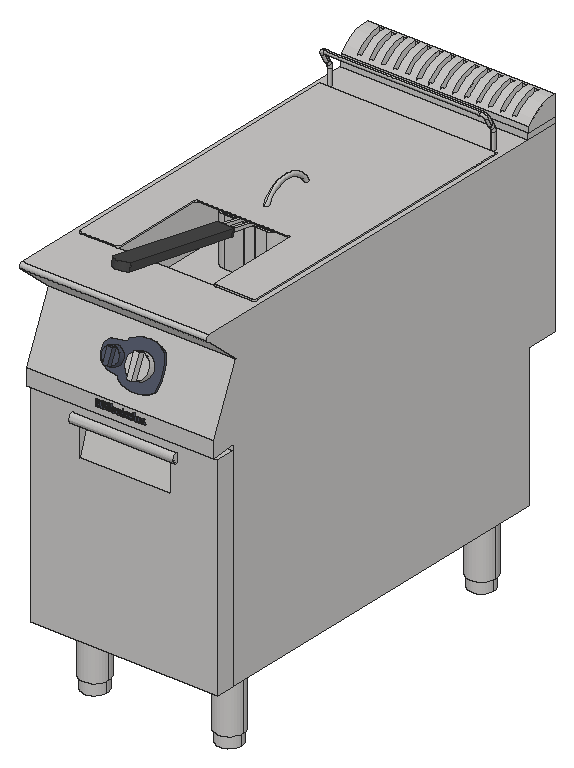
Revit family "QF_ELECTROLUXPROFESSIONAL_391599_E9KKETBAMCI", category Attrezzature speciali, Revit 2021
Family settings
  Quota connettore circolare = Usa diametro
  Tipo di parte = Normale
  Basato su piano di lavoro = No
  Sempre verticale = Sì
  Taglio con vuoti quando caricato = No
  Condiviso = No
  Punto di calcolo locali = No
Parameters (values of type "Standard")
  Weight = 50.00 kg
  Watts = 0 W
  Volts = 0 V
  URL Manufacturer = "https://www.electroluxprofessional.com/"
  URL = "https://www.electroluxprofessional.com/"
  Steam Supply Size = 0"
  Steam Supply Minimum Pressure = 0.00 psi
  Steam Supply Maximum Pressure = 0.00 psi
  Steam Consumption per Hour = 0
  Show Logo [instance] = yes
  Show Clearance [instance] = yes
  Refrigeration Suction Line Size = 0 mm
  Refrigeration Liquid Line Size = 0 mm
  Refrigerant Compressor Remote = yes
  Prospetto di default = 0 mm
  Phase = 0
  Modello = "E9KKETBAMCI"
  Produttore = "Electrolux Professional"
  Length Actual = 400 mm  # constant formula
  Item Number = "391599"
  Hot Water Size = 0"
  Height Actual = 850 mm  # constant formula
  HP = "0 HP"
  Gas Size = 1/2"
  Gas KW = 14
  Gas Input Pressure = 0.469158 Btu/h
  Direct Waste Size = 0"
  Descrizione = "15LT GAS FRYER-1 WELL+1 BASKET - QMARK"
  Depth Actual = 930 mm  # constant formula
  Cycle = 0 Hz
  Condensate Return Size = 0"
  Compressed Air Volume = 0 GPM
  Compressed Air Size = 0"
  Compressed Air Pressure = 0.00 psi
  Cold Water Size = 0"
  Base Height [instance] = 150 mm  # constant formula
  Accessory = yes
Reference planes
  plane 1 "BACK": y = 0
  plane 2: z = 0
  plane 3 "LEFT": x = 0
  plane 4 "RIGHT": x = 400
  plane 5 "FRONT": y = -930
  plane 6 "TOP": z = 908
  plane 7 "Center Y": x = 200
  plane 8 "Center X": y = -465
  plane 9 "BASE": z = 601.763
  plane 10 "TOP A": z = 851
  plane 11: z = 150
  plane 12: y = -126
  plane 13: y = -800
  plane 14: y = -1273
  plane 15: x = 344
  plane 16: x = 56
  plane 17: x = 344
  plane 18: y = -715
  plane 19: z = 921
  plane 20: z = 931
  plane 21: y = -1273
  plane 22: x = 355
  plane 23: y = -1450
Forms (mm)
  Extrusion 1, solid, material "QF_Finishes_Stainless Steel"
    sketch origin (0, 0, 0) x (0, 1, 0) y (0, 0, 1)
      loop
        line (0, 851) -> (-923.65, 851)
        arc (-923.65, 851) -> (-929.517, 847.08) -> (-928.14, 840.16) r 6.35
        line (-928.14, 840.16) -> (-852.034, 773.495) -> (-912.145, 642.892) -> (-912.145, 608.853) -> (-858.773, 614.463) -> (-858.773, 150) -> (-70, 150) -> (-70, 451.763) -> (0, 451.763) -> (0, 851)
      loop
        line (-900, 601.763) -> (-900, 150) -> (-860.361, 150) -> (-860.361, 601.763) -> (-900, 601.763)
    from 0 to 400
  Extrusion 2, void
    sketch origin (0, 0, 851) x (-1, 0, 0) y (0, -1, 0)
      loop
        line (-33.338, 141.304) -> (-33.338, 787.143) -> (-366.662, 787.143) -> (-366.662, 141.304) -> (-33.338, 141.304)
    from 0 to -152.4
  Extrusion 3, solid, material "QF_Finishes_Stainless Steel"
    sketch origin (0, 0, 851) x (-1, 0, 0) y (0, -1, 0)
      loop
        arc (-11.548, 780.793) -> (-13.408, 785.283) -> (-17.898, 787.143) r 6.35
        line (-17.898, 787.143) -> (-90.863, 787.143)
        arc (-90.863, 787.143) -> (-95.353, 785.283) -> (-97.213, 780.793) r 6.35
        line (-97.213, 780.793) -> (-97.213, 586.546)
        arc (-97.213, 586.546) -> (-99.072, 582.055) -> (-103.563, 580.196) r 6.35
        line (-103.563, 580.196) -> (-293.937, 580.196)
        arc (-293.937, 580.196) -> (-298.428, 582.055) -> (-300.287, 586.546) r 6.35
        line (-300.287, 586.546) -> (-300.287, 780.818)
        arc (-300.287, 780.818) -> (-302.14, 785.291) -> (-306.612, 787.143) r 6.325
        line (-306.612, 787.143) -> (-382.102, 787.143)
        arc (-382.102, 787.143) -> (-386.592, 785.283) -> (-388.452, 780.793) r 6.35
        line (-388.452, 780.793) -> (-388.452, 141.304) -> (-11.548, 141.304) -> (-11.548, 780.793)
    from 0 to 2.574
  Sweep 4, solid, material "QF_Finishes_Stainless Steel"
    path origin (200, 10.469, 0) x (0, 1, 0) y (0, 0, 1)
      loop
        arc (-423.261, 851) -> (-477.7, 884.779) -> (-532.139, 851) r 60.757
    profile origin (200, -467.231, 884.779) x (0, 0, -1) y (1, 0, 0)
      loop
        circle (0, 0) r 4.353
  Extrusion 5, solid, material "QF_Clearances", visible <- "Show Clearance", detail levels coarse
    sketch origin (0, 0, 0) x (1, 0, 0) y (0, 1, 0)
      loop
        line (0, -930) -> (0, 0) -> (400, 0) -> (400, -930) -> (550.019, -930) -> (550.019, 150.019) -> (-150.019, 150.019) -> (-150.019, -930) -> (0, -930)
    from 0 to 908
  Revolve 6, solid, material "QF_Finishes_Stainless Steel"
    sketch origin (0, -126, 608.09) x (0, 0, 1) y (-1, 0, 0)
      loop
        line (-608.09, -56) -> (-458.09, -56) -> (-458.09, -26) -> (-583.09, -26) -> (-583.09, -29.75) -> (-608.09, -29.75) -> (-608.09, -56)
      axis (-608.09, -56) -> (-458.09, -56)
    angle from 0 to 360
  Revolve 7, solid, material "QF_Finishes_Stainless Steel"
    sketch origin (400.05, -126, 608.09) x (0, 0, 1) y (-1, 0, 0)
      loop
        line (-608.09, 56.05) -> (-608.09, 29.8) -> (-583.09, 29.8) -> (-583.09, 26.05) -> (-458.09, 26.05) -> (-458.09, 56.05) -> (-608.09, 56.05)
      axis (-608.09, 56.05) -> (-458.09, 56.05)
    angle from 0 to 360
  Extrusion 8, solid, material "QF_Door-Drawer Clearances", visible <- "Show Clearance", detail levels coarse
    sketch origin (0, 0, 851) x (-1, 0, 0) y (0, -1, 0)
      loop
        line (-400, 1273) -> (-400, 900) -> (-0.912, 900)
        arc (-0.912, 900) -> (-126.87, 1165.233) -> (-400, 1273) r 400
    from -701 to -249.237
  Revolve 9, solid, material "QF_Finishes_Stainless Steel"
    sketch origin (400.05, -800, 608.09) x (0, 0, 1) y (-1, 0, 0)
      loop
        line (-608.09, 56.05) -> (-608.09, 29.8) -> (-583.09, 29.8) -> (-583.09, 26.05) -> (-458.09, 26.05) -> (-458.09, 56.05) -> (-608.09, 56.05)
      axis (-608.09, 56.05) -> (-458.09, 56.05)
    angle from 0 to 360
  Extrusion 10, solid, material "QF_Finishes_Stainless Steel"
    sketch origin (200, 0, 0) x (0, 1, 0) y (0, 0, 1)
      loop
        line (-71.89, 863.9) -> (-71.89, 851) -> (0, 851) -> (0, 863.9) -> (-71.89, 863.9)
    from -200 to 200
  Extrusion 11, void
    sketch origin (200, -12.863, 0) x (0, 1, 0) y (0, 0, 1)
      loop
        line (-887.138, 564.263) -> (-887.138, 500.55) -> (-863.948, 564.263) -> (-887.138, 564.263)
    from -96.424 to 99.144
  Extrusion 12, solid, material "QF_Finishes_Stainless Steel"
    sketch origin (200, -12.863, 22.5) x (0, 1, 0) y (0, 0, 1)
      loop
        line (-887.137, 541.763) -> (-887.137, 561.763)
        arc (-887.137, 561.763) -> (-897.137, 551.763) -> (-887.137, 541.763) r 10
    from -110.529 to 112.106
  Revolve 13, solid, material "QF_Finishes_Stainless Steel"
    sketch origin (0, -800, 608.09) x (0, 0, 1) y (1, 0, 0)
      loop
        line (-608.09, 56) -> (-608.09, 29.75) -> (-583.09, 29.75) -> (-583.09, 26) -> (-458.09, 26) -> (-458.09, 56) -> (-608.09, 56)
      axis (-608.09, 56) -> (-458.09, 56)
    angle from 0 to 360
  Extrusion 14, solid, material "QF_Finishes_Stainless Steel"
    sketch origin (265.958, 109.846, 107.43) x (0, 0.984808, 0.173648) y (0, -0.173648, 0.984808)
      loop
        line (-552.44, 743.096) -> (-534.513, 844.764) -> (-598.426, 869.678) -> (-600.732, 863.761) -> (-541.671, 840.739) -> (-558.694, 744.199) -> (-552.44, 743.096)
    from -80.476 to -74.619
  Extrusion 15, solid, material "QF_Finishes_Mesh"
    sketch origin (74.995, -64.779, 844.25) x (-1, 0, 0) y (0, -1, 0)
      loop
        arc (-76.6, 120.481) -> (-58.64, 127.92) -> (-51.2, 145.881) r 25.4
        line (-51.2, 145.881) -> (-51.2, 481.11)
        arc (-51.2, 481.11) -> (-58.64, 499.071) -> (-76.6, 506.51) r 25.4
        line (-76.6, 506.51) -> (-166.875, 506.51)
        arc (-166.875, 506.51) -> (-184.836, 499.071) -> (-192.275, 481.11) r 25.4
        line (-192.275, 481.11) -> (-192.275, 145.881)
        arc (-192.275, 145.881) -> (-184.836, 127.92) -> (-166.875, 120.481) r 25.4
        line (-166.875, 120.481) -> (-76.6, 120.481)
      loop
        arc (-76.6, 123.656) -> (-60.885, 130.165) -> (-54.375, 145.881) r 22.225
        line (-54.375, 145.881) -> (-54.375, 481.11)
        arc (-54.375, 481.11) -> (-60.885, 496.826) -> (-76.6, 503.335) r 22.225
        line (-76.6, 503.335) -> (-166.875, 503.335)
        arc (-166.875, 503.335) -> (-182.591, 496.826) -> (-189.1, 481.11) r 22.225
        line (-189.1, 481.11) -> (-189.1, 145.881)
        arc (-189.1, 145.881) -> (-182.591, 130.165) -> (-166.875, 123.656) r 22.225
        line (-166.875, 123.656) -> (-76.6, 123.656)
    from -109 to -5.315
  Extrusion 16, solid, material "QF_Finishes_Black"
    sketch origin (134.033, -843.725, 906.181) x (0, 0.980628, -0.195878) y (-1, 0, 0)
      loop
        arc (-64.658, -47.345) -> (-74.885, -65.962) -> (-64.658, -84.58) r 22.059
        line (-64.658, -84.58) -> (214.638, -84.58)
        arc (214.638, -84.58) -> (217.113, -83.554) -> (218.138, -81.08) r 3.5
        line (218.138, -81.08) -> (218.138, -50.854)
        arc (218.138, -50.854) -> (217.11, -48.372) -> (214.629, -47.345) r 3.509
        line (214.629, -47.345) -> (-64.658, -47.345)
    from -15.884 to 0
  Extrusion 17, solid, material "QF_Finishes_Stainless Steel"
    sketch origin (0, 0, 574.263) x (0, 1, 0) y (0, 0, 1)
      loop
        line (0, 289.638) -> (0, 333.737)
        arc (0, 333.737) -> (-39.336, 326.03) -> (-69.85, 300.038) r 79.141
        line (-69.85, 300.038) -> (-69.85, 289.638) -> (0, 289.638)
    from 0 to 400
  Extrusion 18, void
    sketch origin (0, 0, 848.9) x (0, -1, 0) y (1, 0, 0)
      loop
        line (6.761, 29.703) -> (63.911, 29.703) -> (63.911, 38.999) -> (6.761, 38.999) -> (6.761, 29.703)
      loop
        line (63.911, 64.487) -> (6.761, 64.487) -> (6.761, 55.191) -> (63.911, 55.191) -> (63.911, 64.487)
      loop
        line (63.911, 89.975) -> (6.761, 89.975) -> (6.761, 80.68) -> (63.911, 80.68) -> (63.911, 89.975)
      loop
        line (63.911, 115.464) -> (6.761, 115.464) -> (6.761, 106.168) -> (63.911, 106.168) -> (63.911, 115.464)
      loop
        line (63.911, 140.952) -> (6.761, 140.952) -> (6.761, 131.656) -> (63.911, 131.656) -> (63.911, 140.952)
      loop
        line (63.911, 166.44) -> (6.761, 166.44) -> (6.761, 157.145) -> (63.911, 157.145) -> (63.911, 166.44)
      loop
        line (63.911, 191.929) -> (6.761, 191.929) -> (6.761, 182.633) -> (63.911, 182.633) -> (63.911, 191.929)
      loop
        line (63.911, 217.417) -> (6.761, 217.417) -> (6.761, 208.121) -> (63.911, 208.121) -> (63.911, 217.417)
      loop
        line (63.911, 242.905) -> (6.761, 242.905) -> (6.761, 233.61) -> (63.911, 233.61) -> (63.911, 242.905)
      loop
        line (63.911, 268.394) -> (6.761, 268.394) -> (6.761, 259.098) -> (63.911, 259.098) -> (63.911, 268.394)
      loop
        line (63.911, 293.882) -> (6.761, 293.882) -> (6.761, 284.586) -> (63.911, 284.586) -> (63.911, 293.882)
      loop
        line (63.911, 319.37) -> (6.761, 319.37) -> (6.761, 310.075) -> (63.911, 310.075) -> (63.911, 319.37)
      loop
        line (63.911, 344.859) -> (6.761, 344.859) -> (6.761, 335.563) -> (63.911, 335.563) -> (63.911, 344.859)
      loop
        line (63.911, 370.347) -> (6.761, 370.347) -> (6.761, 361.051) -> (63.911, 361.051) -> (63.911, 370.347)
    from 25.4 to 63.5
  Sweep 19, solid, material "QF_Finishes_Stainless Steel"
    path origin (0, 0, 0) x (0, 1, 0) y (0, 0, 1)
      loop
        line (-133.218, 851) -> (-133.218, 886.76)
        arc (-133.218, 886.76) -> (-133.779, 891.022) -> (-135.424, 894.993) r 16.466
        line (-135.424, 894.993) -> (-140.718, 904.162)
    profile origin (0, -133.218, 868.88) x (0, -1, 0) y (1, 0, 0)
      loop
        circle (0.001, 25.269) r 3.999
      loop
        circle (0.001, 374.731) r 3.999
  Sweep 20, solid, material "QF_Finishes_Stainless Steel"
    path origin (0, -68.628, 777.297) x (-1, 0, 0) y (0, -0.5, 0.866025)
      loop
        line (-374.731, 144.182) -> (-374.731, 165.819)
        arc (-374.731, 165.819) -> (-372.68, 170.768) -> (-367.731, 172.819) r 7
        line (-367.731, 172.819) -> (-32.269, 172.819)
        arc (-32.269, 172.819) -> (-27.32, 170.768) -> (-25.269, 165.819) r 7
        line (-25.269, 165.819) -> (-25.269, 144.182)
    profile origin (374.731, -146.128, 911.531) x (1, 0, 0) y (0, 0.866025, 0.5)
      loop
        circle (0, 0) r 4
  Extrusion 21, solid, material "QF_Finishes_Navy Blue", visible <- "Show Logo"
    sketch origin (0, -912.145, 608.853) x (0, 0, 1) y (-1, 0, 0)
      loop
        line (27.359, -159.055) -> (14.993, -159.055)
        arc (14.993, -159.055) -> (21.176, -163.626) -> (27.359, -159.055) r 6.467
      loop
        arc (27.359, -158.426) -> (26.19, -153.283) -> (21.534, -150.805) r 6.338
        line (21.534, -150.805) -> (21.534, -152.851)
        arc (21.534, -152.851) -> (23.018, -156.506) -> (26.464, -158.426) r 5.941
        line (26.464, -158.426) -> (27.359, -158.426)
      loop
        arc (15.888, -158.426) -> (19.334, -156.506) -> (20.817, -152.851) r 5.941
        line (20.817, -152.851) -> (20.817, -150.805)
        arc (20.817, -150.805) -> (16.123, -153.279) -> (14.834, -158.426) r 6.504
        line (14.834, -158.426) -> (15.888, -158.426)
      loop
        line (28.034, -150.336) -> (14.29, -150.336) -> (14.29, -164.099) -> (28.034, -164.099) -> (28.034, -150.336)
      loop
        arc (28.118, -167.066) -> (27.77, -166.709) -> (27.403, -167.047) r 0.358
        arc (27.403, -167.047) -> (27.089, -167.797) -> (26.372, -168.182) r 1.216
        line (26.372, -168.182) -> (15.959, -168.182)
        arc (15.959, -168.182) -> (15.299, -167.904) -> (14.903, -167.308) r 1.238
        arc (14.903, -167.308) -> (14.509, -167.057) -> (14.203, -167.411) r 0.358
        line (14.203, -167.411) -> (14.203, -177.29) -> (16.954, -177.29) -> (16.954, -176.393)
        arc (16.954, -176.393) -> (16.045, -175.813) -> (15.589, -174.836) r 1.928
        line (15.589, -174.836) -> (15.589, -172.337)
        arc (15.589, -172.337) -> (15.865, -171.608) -> (16.553, -171.244) r 1.101
        line (16.553, -171.244) -> (20.64, -171.244) -> (20.64, -174.917)
        arc (20.64, -174.917) -> (20.287, -175.414) -> (19.722, -175.642) r 1.083
        arc (19.722, -175.642) -> (19.459, -175.948) -> (19.751, -176.226) r 0.292
        line (19.751, -176.226) -> (22.713, -176.226)
        arc (22.713, -176.226) -> (23.016, -175.953) -> (22.777, -175.623) r 0.305
        arc (22.777, -175.623) -> (22.286, -175.375) -> (21.981, -174.917) r 1.083
        line (21.981, -174.917) -> (21.981, -171.244) -> (26.659, -171.244) -> (26.659, -174.991)
        arc (26.659, -174.991) -> (26.444, -175.747) -> (25.838, -176.245) r 1.314
        arc (25.838, -176.245) -> (25.619, -176.649) -> (25.973, -176.941) r 0.361
        line (25.973, -176.941) -> (28.118, -176.941) -> (28.118, -167.066)
      loop
        arc (27.4, -177.722) -> (27.02, -178.641) -> (26.101, -179.021) r 1.299
        line (26.101, -179.021) -> (16.522, -179.021)
        arc (16.522, -179.021) -> (15.684, -178.643) -> (15.413, -177.765) r 1.118
        line (15.413, -177.765) -> (14.203, -177.765) -> (14.203, -183.115) -> (15.391, -183.115)
        arc (15.391, -183.115) -> (15.663, -182.198) -> (16.533, -181.802) r 1.153
        line (16.533, -181.802) -> (28.605, -181.802) -> (27.4, -177.722)
      loop
        line (19.168, -185.751) -> (19.168, -192.198) -> (19.967, -192.198)
        arc (19.967, -192.198) -> (22.547, -191.214) -> (23.816, -188.76) r 3.874
        line (23.816, -188.76) -> (23.816, -187)
        arc (23.816, -187) -> (22.629, -184.135) -> (19.765, -182.949) r 4.051
        line (19.765, -182.949) -> (17.757, -182.949)
        arc (17.757, -182.949) -> (14.938, -184.434) -> (13.887, -187.441) r 4.352
        arc (13.887, -187.441) -> (14.251, -189.904) -> (15.629, -191.978) r 5.713
        line (15.629, -191.978) -> (16.578, -191.978)
        arc (16.578, -191.978) -> (15.845, -190.409) -> (15.629, -188.691) r 5.579
        arc (15.629, -188.691) -> (16.422, -186.728) -> (18.301, -185.751) r 3.057
        line (18.301, -185.751) -> (19.168, -185.751)
      loop
        line (20.427, -185.751) -> (20.427, -189.333)
        arc (20.427, -189.333) -> (21.884, -189.38) -> (22.767, -188.221) r 1.59
        line (22.767, -188.221) -> (22.767, -187.391)
        arc (22.767, -187.391) -> (21.902, -186.136) -> (20.427, -185.751) r 2.184
      loop
        arc (23.218, -201.616) -> (23.707, -199.942) -> (23.864, -198.205) r 9.023
        line (23.864, -198.205) -> (23.864, -196.843)
        arc (23.864, -196.843) -> (22.705, -194.043) -> (19.905, -192.883) r 3.959
        line (19.905, -192.883) -> (17.305, -192.883)
        arc (17.305, -192.883) -> (15.023, -194.176) -> (13.906, -196.549) r 4.331
        line (13.906, -196.549) -> (13.906, -198.684)
        arc (13.906, -198.684) -> (14.414, -200.234) -> (15.336, -201.58) r 5.772
        arc (15.336, -201.58) -> (16.098, -201.631) -> (16.184, -200.872) r 0.553
        arc (16.184, -200.872) -> (15.796, -200.138) -> (15.662, -199.319) r 2.573
        line (15.662, -199.319) -> (15.662, -197.804)
        arc (15.662, -197.804) -> (16.668, -196.162) -> (18.483, -195.52) r 2.884
        line (18.483, -195.52) -> (19.762, -195.52)
        arc (19.762, -195.52) -> (21.583, -196.08) -> (22.509, -197.745) r 2.554
        line (22.509, -197.745) -> (22.509, -198.798)
        arc (22.509, -198.798) -> (22.178, -199.726) -> (21.521, -200.461) r 2.564
        arc (21.521, -200.461) -> (21.299, -201.178) -> (21.909, -201.616) r 0.643
        line (21.909, -201.616) -> (23.218, -201.616)
      loop
        line (22.2, -201.886) -> (22.2, -203.387) -> (16.152, -203.387)
        arc (16.152, -203.387) -> (14.564, -204.045) -> (13.906, -205.633) r 2.246
        line (13.906, -205.633) -> (13.906, -207.217)
        arc (13.906, -207.217) -> (14.22, -208.081) -> (14.72, -208.853) r 4.06
        arc (14.72, -208.853) -> (15.453, -208.986) -> (15.704, -208.285) r 0.576
        arc (15.704, -208.285) -> (15.598, -207.759) -> (15.662, -207.227) r 1.69
        arc (15.662, -207.227) -> (16.204, -206.439) -> (17.11, -206.136) r 1.506
        line (17.11, -206.136) -> (22.248, -206.136) -> (22.248, -208.533) -> (22.805, -209.089) -> (23.626, -209.089) -> (23.626, -206.23) -> (26.857, -206.23) -> (22.2, -201.886)
      loop
        line (14.124, -209.987) -> (14.124, -215.374) -> (15.234, -215.374)
        arc (15.234, -215.374) -> (15.627, -214.423) -> (16.578, -214.029) r 1.345
        line (16.578, -214.029) -> (20.195, -214.029)
        arc (20.195, -214.029) -> (20.959, -214.621) -> (21.249, -215.543) r 1.615
        line (21.249, -215.543) -> (21.249, -217.099) -> (23.805, -217.784) -> (23.805, -216.401) -> (21.862, -213.842) -> (23.742, -213.842) -> (23.458, -211.136)
        arc (23.458, -211.136) -> (23.018, -210.606) -> (22.359, -210.807) r 0.621
        arc (22.359, -210.807) -> (21.959, -211.149) -> (21.465, -211.332) r 1.501
        line (21.465, -211.332) -> (16.578, -211.332)
        arc (16.578, -211.332) -> (15.627, -210.938) -> (15.234, -209.987) r 1.345
        line (15.234, -209.987) -> (14.124, -209.987)
      loop
        line (20.225, -217.321) -> (17.533, -217.321)
        arc (17.533, -217.321) -> (15.088, -218.629) -> (13.954, -221.159) r 4.288
        arc (13.954, -221.159) -> (13.89, -222.54) -> (13.954, -223.92) r 15.022
        arc (13.954, -223.92) -> (15.088, -226.451) -> (17.533, -227.758) r 4.288
        line (17.533, -227.758) -> (20.225, -227.758)
        arc (20.225, -227.758) -> (22.671, -226.451) -> (23.805, -223.92) r 4.288
        arc (23.805, -223.92) -> (23.868, -222.54) -> (23.805, -221.159) r 15.022
        arc (23.805, -221.159) -> (22.671, -218.629) -> (20.225, -217.321) r 4.288
      loop
        line (20.43, -220.435) -> (17.328, -220.435)
        arc (17.328, -220.435) -> (15.171, -222.592) -> (17.328, -224.749) r 2.157
        line (17.328, -224.749) -> (20.43, -224.749)
        arc (20.43, -224.749) -> (22.587, -222.592) -> (20.43, -220.435) r 2.157
      loop
        arc (27.411, -227.616) -> (27.041, -228.51) -> (26.147, -228.881) r 1.264
        line (26.147, -228.881) -> (16.282, -228.881)
        arc (16.282, -228.881) -> (15.412, -228.484) -> (15.141, -227.568) r 1.153
        line (15.141, -227.568) -> (14.203, -227.568) -> (14.203, -232.676) -> (15.131, -232.676)
        arc (15.131, -232.676) -> (15.49, -231.904) -> (16.282, -231.589) r 1.153
        line (16.282, -231.589) -> (28.605, -231.589) -> (27.411, -227.616)
      loop
        arc (22.531, -232.213) -> (22.332, -233.278) -> (21.363, -233.76) r 1.215
        line (21.363, -233.76) -> (16.343, -233.76)
        arc (16.343, -233.76) -> (14.728, -234.407) -> (14.008, -235.99) r 2.338
        line (14.008, -235.99) -> (14.008, -237.505)
        arc (14.008, -237.505) -> (14.182, -238.509) -> (14.684, -239.395) r 2.979
        line (14.684, -239.395) -> (14.203, -241.192) -> (14.203, -242.88) -> (23.629, -242.88) -> (23.335, -238.677) -> (22.548, -238.677)
        arc (22.548, -238.677) -> (22.192, -239.513) -> (21.44, -240.022) r 1.605
        line (21.44, -240.022) -> (16.337, -240.022)
        arc (16.337, -240.022) -> (15.917, -239.085) -> (15.844, -238.061) r 2.94
        arc (15.844, -238.061) -> (16.405, -236.96) -> (17.558, -236.517) r 1.724
        line (17.558, -236.517) -> (23.755, -236.517) -> (22.531, -232.213)
      loop
        line (23.559, -243.734) -> (21.887, -245.78) -> (18.713, -248.086) -> (15.257, -244.974)
        arc (15.257, -244.974) -> (15.02, -244.58) -> (15.042, -244.121) r 0.789
        line (15.042, -244.121) -> (14.203, -244.121) -> (14.203, -247.666) -> (15.029, -247.666)
        arc (15.029, -247.666) -> (15.372, -247.304) -> (15.862, -247.396) r 0.52
        line (15.862, -247.396) -> (17.661, -248.867) -> (15.543, -250.242)
        arc (15.543, -250.242) -> (15.142, -249.932) -> (15.055, -249.433) r 0.7
        line (15.055, -249.433) -> (14.203, -249.433) -> (14.203, -255.36) -> (15.09, -255.36)
        arc (15.09, -255.36) -> (15.157, -254.701) -> (15.552, -254.17) r 1.247
        line (15.552, -254.17) -> (19.751, -250.889) -> (22.198, -252.942) -> (23.559, -254.684) -> (23.559, -250.96) -> (22.074, -251.383) -> (20.553, -250.106) -> (22.253, -248.916) -> (23.559, -249.692) -> (23.559, -243.734)
    from 0 to 1.644
  Extrusion 22, solid, material "QF_Finishes_Navy Blue"
    sketch origin (-315.976, -908.962, 649.81) x (0, 0.418102, 0.9084) y (-1, 0, 0)
      loop
        arc (104.355, -502.587) -> (101.326, -501.258) -> (98.25, -500.039) r 91.066
        arc (98.25, -500.039) -> (96.592, -482.449) -> (93.213, -465.107) r 179.528
        arc (93.213, -465.107) -> (69.244, -452.795) -> (45.274, -465.107) r 29.489
        arc (45.274, -465.107) -> (38.909, -481.441) -> (37.449, -498.912) r 61.044
        arc (37.449, -498.912) -> (34.471, -499.962) -> (31.532, -501.116) r 91.066
        arc (31.532, -501.116) -> (19.517, -540.223) -> (32.929, -578.873) r 65.817
        arc (32.929, -578.873) -> (68.105, -585.173) -> (102.996, -577.452) r 91.066
        arc (102.996, -577.452) -> (115.418, -540.233) -> (104.355, -502.587) r 65.546
    from 0 to 3.175
  Extrusion 23, solid, material "QF_Finishes_Stainless Steel"
    sketch origin (62.774, -912.675, 649.335) x (0, 0.418102, 0.9084) y (-1, 0, 0)
      loop
        circle (68.826, -160.963) r 25.4
    from 0 to 12.7
  Extrusion 24, solid, material "QF_Finishes_Stainless Steel"
    sketch origin (62.774, -924.212, 654.645) x (0, 0.418102, 0.9084) y (-1, 0, 0)
      loop
        arc (93.558, -166.749) -> (94.226, -160.963) -> (93.558, -155.177) r 25.4
        line (93.558, -155.177) -> (44.094, -155.177)
        arc (44.094, -155.177) -> (43.426, -160.963) -> (44.094, -166.749) r 25.4
        line (44.094, -166.749) -> (93.558, -166.749)
    from 0 to 12.7
  Extrusion 25, solid, material "QF_Finishes_Navy Blue"
    sketch origin (5.274, -912.675, 649.335) x (0, 0.418102, 0.9084) y (-1, 0, 0)
      loop
        circle (68.826, -160.963) r 18.37
    from 0 to 12.7
  Extrusion 26, solid, material "QF_Finishes_Navy Blue"
    sketch origin (3.983, -924.212, 654.645) x (0, 0.418102, 0.9084) y (-1, 0, 0)
      loop
        arc (84.808, -167.687) -> (85.476, -161.901) -> (84.808, -156.114) r 25.4
        line (84.808, -156.114) -> (52.844, -156.114)
        arc (52.844, -156.114) -> (52.176, -161.901) -> (52.844, -167.687) r 25.4
        line (52.844, -167.687) -> (84.808, -167.687)
    from 0 to 8.112
  Extrusion 27, solid, material "QF_Finishes_Stainless Steel"
    sketch origin (0, 0, 150) x (-1, 0, 0) y (0, 1, 0)
      loop
        circle (-355, -715) r 6.35
    from 0 to 15
  Extrusion 28, solid, material "QF_Finishes_Stainless Steel"
    sketch origin (134.083, 174.846, 107.43) x (0, 0.984808, 0.173648) y (0, 0.173648, -0.984808)
      loop
        line (-598.526, -856.051) -> (-616.453, -754.383) -> (-622.706, -755.486) -> (-605.684, -852.026) -> (-664.745, -875.048) -> (-662.439, -880.965) -> (-598.526, -856.051)
    from -80.476 to -74.619
  Extrusion 29, solid, material "QF_Clearances", visible <- "Show Clearance", detail levels coarse
    sketch origin (0, 0, 851) x (-1, 0, 0) y (0, -1, 0)
      loop
        line (-80, 900) -> (-80, 1450) -> (-320, 1450) -> (-320, 900) -> (-80, 900)
    from -701 to -249.238
Cuts and joins
  Extrusion 2, Extrusion 11 cuts Extrusion 1
  joined: Extrusion 3, Sweep 4, Extrusion 10
  Extrusion 18 cuts Extrusion 17
Lines and regions (mm)
  symbolic lines, style "QF_Clearances", visible <- "Show Clearance", detail levels coarse
    curve 1: line (-150.019, 150.019, 851) -> (-150.019, -930, 851)
    curve 2: line (550.019, 150.019, 851) -> (-150.019, 150.019, 851)
    curve 3: line (550.019, -930, 851) -> (550.019, 150.019, 851)
    curve 114: line (80, -1450, 851) -> (80, -930, 851)
    curve 115: line (80, -1450, 851) -> (320, -1450, 851)
    curve 116: line (320, -1450, 851) -> (320, -930, 851)
  symbolic lines
    curve 4: line (0, -930, 851) -> (0, 0, 851)
    curve 5: line (400, 0, 851) -> (400, -930, 851)
    curve 6: line (11.548, -141.304, 851) -> (11.548, -780.849, 851)
    curve 7: arc (11.548, -780.849, 851) -> (13.428, -785.386, 851) -> (17.965, -787.265, 851) r 6.416
    curve 8: line (17.965, -787.265, 851) -> (181.378, -787.265, 851)
    curve 9: arc (90.94, -787.265, 851) -> (95.375, -785.428, 851) -> (97.213, -780.993, 851) r 6.272
    curve 10: line (97.213, -780.993, 851) -> (97.213, -586.546, 851)
    curve 11: arc (97.213, -586.546, 851) -> (99.072, -582.055, 851) -> (103.563, -580.196, 851) r 6.35
    curve 12: line (103.563, -580.196, 851) -> (293.937, -580.196, 851)
    curve 13: arc (293.937, -580.196, 851) -> (298.428, -582.055, 851) -> (300.287, -586.546, 851) r 6.35
    curve 14: line (300.287, -586.546, 851) -> (300.287, -780.818, 851)
    curve 15: arc (300.287, -780.818, 851) -> (302.14, -785.291, 851) -> (306.613, -787.143, 851) r 6.325
    curve 16: arc (382.234, -787.143, 851) -> (386.63, -785.322, 851) -> (388.452, -780.925, 851) r 6.218
    curve 17: line (388.452, -780.925, 851) -> (388.452, -141.304, 851)
    curve 18: line (195.545, -520.62, 851) -> (195.545, -413.844, 851)
    curve 19: line (204.443, -413.844, 851) -> (204.443, -520.62, 851)
    curve 20: arc (195.545, -520.62, 851) -> (199.994, -525.069, 851) -> (204.443, -520.62, 851) r 4.449
    curve 21: arc (195.545, -413.844, 851) -> (199.994, -409.395, 851) -> (204.443, -413.844, 851) r 4.449
    curve 22: line (400, -930, 851) -> (0, -930, 851)
    curve 25: line (31.918, -151.038, 851) -> (368.082, -151.038, 851)
    curve 26: line (368.557, -159.052, 851) -> (31.443, -159.052, 851)
    curve 27: line (0, -71.89, 851) -> (400, -71.89, 851)
    curve 28: line (388.452, -141.304, 851) -> (378.73, -141.304, 851)
    curve 29: line (0, 0, 851) -> (400, 0, 851)
    curve 30: line (218.613, -910.241, 851) -> (218.613, -633.193, 851)
    curve 31: line (181.378, -633.202, 851) -> (181.378, -910.241, 851)
    curve 32: line (215.113, -629.813, 851) -> (184.887, -629.813, 851)
    curve 33: line (191.314, -580.196, 851) -> (191.314, -629.813, 851)
    curve 34: line (185.457, -629.813, 851) -> (185.457, -580.196, 851)
    curve 35: line (208.677, -629.813, 851) -> (208.677, -580.196, 851)
    curve 36: spline (184.887, -629.813, 851) -> (184.429, -629.842, 851) -> (183.979, -629.928, 851) -> (183.544, -630.071, 851) -> (183.133, -630.267, 851) -> (182.751, -630.513, 851) -> (182.406, -630.805, 851) -> (182.103, -631.139, 851) -> (181.848, -631.507, 851) -> (181.645, -631.905, 851) -> (181.498, -632.325, 851) -> (181.408, -632.76, 851) -> (181.378, -633.202, 851)
    curve 37: spline (218.613, -633.193, 851) -> (218.583, -632.752, 851) -> (218.494, -632.318, 851) -> (218.346, -631.9, 851) -> (218.144, -631.503, 851) -> (217.89, -631.135, 851) -> (217.588, -630.803, 851) -> (217.244, -630.511, 851) -> (216.863, -630.266, 851) -> (216.452, -630.07, 851) -> (216.019, -629.928, 851) -> (215.57, -629.842, 851) -> (215.113, -629.813, 851)
    curve 38: line (29.703, -6.761, 851) -> (38.999, -6.761, 851)
    curve 39: line (29.703, -63.911, 851) -> (29.703, -6.761, 851)
    curve 40: line (38.999, -63.911, 851) -> (29.703, -63.911, 851)
    curve 41: line (38.999, -6.761, 851) -> (38.999, -63.911, 851)
    curve 42: line (55.191, -6.761, 851) -> (64.487, -6.761, 851)
    curve 43: line (55.191, -63.911, 851) -> (55.191, -6.761, 851)
    curve 44: line (64.487, -63.911, 851) -> (55.191, -63.911, 851)
    curve 45: line (64.487, -6.761, 851) -> (64.487, -63.911, 851)
    curve 46: line (80.68, -6.761, 851) -> (89.975, -6.761, 851)
    curve 47: line (80.68, -63.911, 851) -> (80.68, -6.761, 851)
    curve 48: line (89.975, -63.911, 851) -> (80.68, -63.911, 851)
    curve 49: line (89.975, -6.761, 851) -> (89.975, -63.911, 851)
    curve 50: line (106.168, -6.761, 851) -> (115.464, -6.761, 851)
    curve 51: line (106.168, -63.911, 851) -> (106.168, -6.761, 851)
    curve 52: line (115.464, -63.911, 851) -> (106.168, -63.911, 851)
    curve 53: line (115.464, -6.761, 851) -> (115.464, -63.911, 851)
    curve 54: line (131.656, -6.761, 851) -> (140.952, -6.761, 851)
    curve 55: line (131.656, -63.911, 851) -> (131.656, -6.761, 851)
    curve 56: line (140.952, -63.911, 851) -> (131.656, -63.911, 851)
    curve 57: line (140.952, -6.761, 851) -> (140.952, -63.911, 851)
    curve 58: line (157.145, -6.761, 851) -> (166.44, -6.761, 851)
    curve 59: line (157.145, -63.911, 851) -> (157.145, -6.761, 851)
    curve 60: line (166.44, -63.911, 851) -> (157.145, -63.911, 851)
    curve 61: line (166.44, -6.761, 851) -> (166.44, -63.911, 851)
    curve 62: line (182.633, -6.761, 851) -> (191.929, -6.761, 851)
    curve 63: line (182.633, -63.911, 851) -> (182.633, -6.761, 851)
    curve 64: line (191.929, -63.911, 851) -> (182.633, -63.911, 851)
    curve 65: line (191.929, -6.761, 851) -> (191.929, -63.911, 851)
    curve 66: line (208.121, -6.761, 851) -> (217.417, -6.761, 851)
    curve 67: line (208.121, -63.911, 851) -> (208.121, -6.761, 851)
    curve 68: line (217.417, -63.911, 851) -> (208.121, -63.911, 851)
    curve 69: line (217.417, -6.761, 851) -> (217.417, -63.911, 851)
    curve 70: line (233.61, -6.761, 851) -> (242.905, -6.761, 851)
    curve 71: line (233.61, -63.911, 851) -> (233.61, -6.761, 851)
    curve 72: line (242.905, -63.911, 851) -> (233.61, -63.911, 851)
    curve 73: line (242.905, -6.761, 851) -> (242.905, -63.911, 851)
    curve 74: line (259.098, -6.761, 851) -> (268.394, -6.761, 851)
    curve 75: line (259.098, -63.911, 851) -> (259.098, -6.761, 851)
    curve 76: line (268.394, -63.911, 851) -> (259.098, -63.911, 851)
    curve 77: line (268.394, -6.761, 851) -> (268.394, -63.911, 851)
    curve 78: line (284.586, -6.761, 851) -> (293.882, -6.761, 851)
    curve 79: line (284.586, -63.911, 851) -> (284.586, -6.761, 851)
    curve 80: line (293.882, -63.911, 851) -> (284.586, -63.911, 851)
    curve 81: line (293.882, -6.761, 851) -> (293.882, -63.911, 851)
    curve 82: line (310.075, -6.761, 851) -> (319.37, -6.761, 851)
    curve 83: line (310.075, -63.911, 851) -> (310.075, -6.761, 851)
    curve 84: line (319.37, -63.911, 851) -> (310.075, -63.911, 851)
    curve 85: line (319.37, -6.761, 851) -> (319.37, -63.911, 851)
    curve 86: line (335.563, -6.761, 851) -> (344.859, -6.761, 851)
    curve 87: line (335.563, -63.911, 851) -> (335.563, -6.761, 851)
    curve 88: line (344.859, -63.911, 851) -> (335.563, -63.911, 851)
    curve 89: line (344.859, -6.761, 851) -> (344.859, -63.911, 851)
    curve 90: line (361.051, -6.761, 851) -> (370.347, -6.761, 851)
    curve 91: line (361.051, -63.911, 851) -> (361.051, -6.761, 851)
    curve 92: line (370.347, -63.911, 851) -> (361.051, -63.911, 851)
    curve 93: line (370.347, -6.761, 851) -> (370.347, -63.911, 851)
    curve 94: arc (25.269, -129.22, 851) -> (28.097, -130.391, 851) -> (29.268, -133.219, 851) r 3.999
    curve 95: arc (21.27, -133.219, 851) -> (22.442, -130.391, 851) -> (25.269, -129.22, 851) r 3.999
    curve 96: line (21.27, -133.219, 851) -> (21.27, -151.339, 851)
    curve 97: line (29.268, -133.219, 851) -> (29.268, -150.539, 851)
    curve 98: arc (31.443, -159.052, 851) -> (28.224, -158.628, 851) -> (25.225, -157.386, 851) r 12.435
    curve 99: arc (21.27, -151.339, 851) -> (22.347, -154.952, 851) -> (25.225, -157.386, 851) r 6.6
    curve 100: arc (29.268, -150.539, 851) -> (30.57, -150.912, 851) -> (31.918, -151.038, 851) r 7.291
    curve 101: arc (374.731, -129.22, 851) -> (371.903, -130.391, 851) -> (370.732, -133.219, 851) r 3.999
    curve 102: arc (378.73, -133.219, 851) -> (377.558, -130.391, 851) -> (374.731, -129.22, 851) r 3.999
    curve 103: line (378.73, -133.219, 851) -> (378.73, -151.339, 851)
    curve 104: line (370.732, -133.219, 851) -> (370.732, -150.539, 851)
    curve 105: arc (368.557, -159.052, 851) -> (371.776, -158.628, 851) -> (374.775, -157.386, 851) r 12.435
    curve 106: arc (378.73, -151.339, 851) -> (377.653, -154.952, 851) -> (374.775, -157.386, 851) r 6.6
    curve 107: arc (370.732, -150.539, 851) -> (369.43, -150.912, 851) -> (368.082, -151.038, 851) r 7.291
    curve 108: line (214.534, -580.196, 851) -> (214.534, -629.813, 851)
    curve 109: line (218.613, -787.265, 851) -> (382.234, -787.265, 851)
    curve 110: line (21.27, -141.304, 851) -> (11.548, -141.304, 851)
    curve 111: line (370.732, -141.304, 851) -> (29.268, -141.304, 851)
    curve 112: arc (181.378, -910.241, 851) -> (199.995, -920.325, 851) -> (218.613, -910.241, 851) r 22.229
    curve 113: arc (181.378, -907.13, 851) -> (199.995, -917.245, 851) -> (218.613, -907.13, 851) r 22.191
  symbolic lines, style "QF_Door-Drawer Clearances"
    curve 23: arc (4.082, -930, 851) -> (24.062, -1009.639, 851) -> (59.881, -1083.521, 851) r 400
    curve 24: line (59.881, -1083.521, 851) -> (325.76, -930, 851)
Dimensions and locks
  equal spacing: plane 3 "LEFT", plane 7 "Center Y", plane 4 "RIGHT"
  plane 3 "LEFT" to plane 4 "RIGHT" = 400 mm
  equal spacing: plane 5 "FRONT", plane 8 "Center X", plane 1 "BACK"
  plane 5 "FRONT" to plane 1 "BACK" = 930 mm  (x2)
  plane 1 "BACK" to plane 5 "FRONT" = 930 mm
  "Base Height": plane 11 to level
  plane 1 "BACK" to plane 12 = 126 mm
  plane 12 to plane 13 to cut or joined group of Extrusion 1, Extrusion 2, Extrusion 11 = 674 mm, 100 mm
  locked: plane 14 to plane 5 "FRONT" at 343
  plane 4 "RIGHT" to plane 15 = 56 mm
  plane 17 to plane 16 = 288 mm
  plane 16 to plane 3 "LEFT" = 56 mm
  plane 1 "BACK" to plane 18 = 715 mm
  plane 19 to plane 10 "TOP A" = 70 mm
  plane 10 "TOP A" to plane 20 = 80 mm
  plane 4 "RIGHT" to plane 3 "LEFT" = 400 mm
  plane 5 "FRONT" to plane 21 = 343 mm
  plane 1 "BACK" to curve 2 = 150.019 mm
  plane 4 "RIGHT" to curve 3 = 150.019 mm
  curve 1 to plane 3 "LEFT" = 150.019 mm
  Extrusion 27 sketch curve to plane 1 "BACK" = 715 mm
  Extrusion 27 sketch curve to plane 4 "RIGHT" = 45 mm
  Extrusion 27 to plane 11 = 15 mm
  plane 10 "TOP A" to level = 851 mm
  plane 10 "TOP A" to plane 11 = 701 mm
  plane 10 "TOP A" to plane 11 to level = 701 mm, 150 mm
  plane 22 to plane 4 "RIGHT" = 45 mm
  plane 5 "FRONT" to plane 23 = 520 mm
  plane 6 "TOP" to level = 908 mm
  aligned and locked: level to plane 2
  aligned and locked: plane 4 "RIGHT" to Extrusion 1
  aligned and locked: plane 6 "TOP" to Extrusion 5
  aligned and locked: plane 13 to Revolve 9
  aligned and locked: plane 12 to Revolve 6
  aligned and locked: plane 12 to Revolve 7
  aligned and locked: plane 4 "RIGHT" to Extrusion 10
  aligned and locked: plane 14 to Extrusion 8 sketch curve
  aligned and locked: plane 13 to Revolve 13
  aligned and locked: Extrusion 14 to Extrusion 16
Automatic sketch dimensions
  Extrusion 1 sketch curve to plane 10 "TOP A" = 0 mm
  Extrusion 1 sketch curve to plane 9 "BASE" = 0 mm
  Extrusion 1 sketch curve to plane 11 = 0 mm  (x2)
  Extrusion 1 sketch curve to plane 1 "BACK" = 0 mm
  Extrusion 1 sketch curve to plane 12 = 56 mm
  plane 13 to Extrusion 1 sketch curve = 52.034 mm
  plane 13 to Extrusion 1 sketch curve = 58.773 mm
  Extrusion 1 sketch curve to Extrusion 1 sketch curve = 1.588 mm
  Extrusion 1 sketch curve to plane 5 "FRONT" = 30 mm
  plane 9 "BASE" to Extrusion 1 sketch curve = 7.09 mm
  Extrusion 1 sketch curve to Extrusion 1 sketch curve = 12.145 mm
  Extrusion 1 sketch curve to plane 5 "FRONT" = 6.35 mm
  Extrusion 1 sketch curve to plane 5 "FRONT" = 1.86 mm
  Extrusion 1 sketch curve to plane 9 "BASE" = 150 mm
  plane 9 "BASE" to Extrusion 1 sketch curve = 12.7 mm
  Extrusion 1 sketch curve to Extrusion 1 sketch curve = 34.039 mm
  Extrusion 1 sketch curve to plane 10 "TOP A" = 77.505 mm
  Extrusion 1 sketch curve to plane 10 "TOP A" = 10.84 mm
  Extrusion 2 sketch curve to plane 22 = 11.663 mm
  Extrusion 2 sketch curve to plane 16 = 22.662 mm
  plane 12 to Extrusion 2 sketch curve = 15.304 mm
  Extrusion 2 sketch curve to plane 13 = 12.857 mm
  Extrusion 3 sketch curve to plane 4 "RIGHT" = 11.548 mm
  Extrusion 3 sketch curve to Extrusion 3 sketch curve = 6.35 mm  (x3)
  Extrusion 3 sketch curve to plane 13 = 12.857 mm
  Extrusion 3 sketch curve to plane 15 = 37.387 mm
  Extrusion 3 sketch curve to plane 15 = 43.712 mm
  plane 16 to Extrusion 3 sketch curve = 47.563 mm
  Extrusion 3 sketch curve to plane 13 = 19.207 mm
  plane 16 to Extrusion 3 sketch curve = 41.213 mm
  plane 3 "LEFT" to Extrusion 3 sketch curve = 17.898 mm
  plane 3 "LEFT" to Extrusion 3 sketch curve = 11.548 mm
  plane 12 to Extrusion 3 sketch curve = 15.304 mm
  Sweep 4 sketch curve to plane 10 "TOP A" = 0 mm  (x2)
  Sweep 4 sketch curve to plane 8 "Center X" = 2.231 mm
  Sweep 4 sketch curve to plane 10 "TOP A" = 26.978 mm
  Sweep 4 sketch curve to plane 7 "Center Y" = 0 mm
  Sweep 4 sketch curve to profile plane = 0 mm
  plane 5 "FRONT" to Extrusion 5 sketch curve = 0 mm  (x2)
  plane 1 "BACK" to Extrusion 5 sketch curve = 0 mm
  Extrusion 5 sketch curve to plane 3 "LEFT" = 0 mm
  Extrusion 5 sketch curve to plane 4 "RIGHT" = 0 mm
  Extrusion 5 sketch curve to plane 3 "LEFT" = 150.019 mm
  plane 4 "RIGHT" to Extrusion 5 sketch curve = 150.019 mm
  Extrusion 5 sketch curve to plane 1 "BACK" = 150.019 mm
  Revolve 6 sketch curve to level = 0 mm
  Revolve 6 sketch curve to plane 11 = 0 mm  (x2)
  Revolve 6 sketch curve to plane 16 = 0 mm  (x2)
  level to Revolve 6 sketch curve = 25 mm
  plane 11 to Revolve 6 sketch curve = 20 mm
  Revolve 6 sketch curve to plane 16 = 26.25 mm
  plane 3 "LEFT" to Revolve 6 sketch curve = 26 mm
  Revolve 7 sketch curve to level = 0 mm
  Revolve 7 sketch curve to plane 11 = 0 mm  (x2)
  Revolve 7 sketch curve to plane 15 = 0 mm  (x2)
  level to Revolve 7 sketch curve = 25 mm
  plane 11 to Revolve 7 sketch curve = 20 mm
  Revolve 7 sketch curve to plane 22 = 15.25 mm
  Revolve 7 sketch curve to plane 22 = 19 mm
  Extrusion 8 sketch curve to plane 4 "RIGHT" = 0 mm
  plane 3 "LEFT" to Extrusion 8 sketch curve = 0.912 mm
  Extrusion 8 sketch curve to plane 5 "FRONT" = 30 mm
  Revolve 9 sketch curve to level = 0 mm
  Revolve 9 sketch curve to plane 11 = 0 mm  (x2)
  Revolve 9 sketch curve to plane 15 = 0 mm  (x2)
  level to Revolve 9 sketch curve = 25 mm
  plane 11 to Revolve 9 sketch curve = 20 mm
  Revolve 9 sketch curve to plane 22 = 15.25 mm
  Revolve 9 sketch curve to plane 22 = 19 mm
  Extrusion 10 sketch curve to plane 10 "TOP A" = 0 mm
  Extrusion 10 sketch curve to plane 1 "BACK" = 0 mm
  plane 10 "TOP A" to Extrusion 10 sketch curve = 12.9 mm
  Extrusion 10 sketch curve to plane 12 = 54.11 mm
  Extrusion 11 sketch curve to plane 5 "FRONT" = 30 mm
  Extrusion 11 sketch curve to Extrusion 11 sketch curve = 23.189 mm
  Extrusion 11 sketch curve to plane 9 "BASE" = 101.212 mm
  Extrusion 11 sketch curve to plane 9 "BASE" = 37.5 mm
  Extrusion 12 sketch curve to plane 5 "FRONT" = 30 mm
  Extrusion 12 sketch curve to plane 9 "BASE" = 37.5 mm
  Extrusion 12 sketch curve to Extrusion 12 sketch curve = 10 mm
  Revolve 13 sketch curve to level = 0 mm
  Revolve 13 sketch curve to plane 11 = 0 mm  (x2)
  plane 16 to Revolve 13 sketch curve = 0 mm  (x2)
  level to Revolve 13 sketch curve = 25 mm
  plane 11 to Revolve 13 sketch curve = 20 mm
  Revolve 13 sketch curve to plane 16 = 26.25 mm
  plane 3 "LEFT" to Revolve 13 sketch curve = 26 mm
  plane 10 "TOP A" to Extrusion 14 sketch curve = 2.752 mm
  Extrusion 14 sketch curve to Extrusion 14 sketch curve = 2.306 mm
  Extrusion 14 sketch curve to Extrusion 14 sketch curve = 42.039 mm
  Extrusion 14 sketch curve to Extrusion 14 sketch curve = 6.254 mm
  Extrusion 14 sketch curve to Extrusion 14 sketch curve = 59.061 mm
  Extrusion 15 sketch curve to Extrusion 15 sketch curve = 0 mm  (x10)
  plane 7 "Center Y" to Extrusion 15 sketch curve = 67.271 mm
  Extrusion 15 sketch curve to Extrusion 15 sketch curve = 3.175 mm
  Extrusion 15 sketch curve to Extrusion 15 sketch curve = 22.225 mm  (x3)
  Extrusion 15 sketch curve to plane 7 "Center Y" = 48.404 mm  (x2)
  plane 12 to Extrusion 15 sketch curve = 84.66 mm
  Extrusion 16 sketch curve to plane 7 "Center Y" = 18.622 mm
  plane 7 "Center Y" to Extrusion 16 sketch curve = 18.613 mm
  Extrusion 16 sketch curve to Extrusion 16 sketch curve = 0 mm
  Extrusion 16 sketch curve to Extrusion 16 sketch curve = 11.832 mm
  Extrusion 16 sketch curve to plane 7 "Center Y" = 15.113 mm
  Extrusion 16 sketch curve to Extrusion 16 sketch curve = 267.454 mm
  Extrusion 16 sketch curve to Extrusion 16 sketch curve = 3.5 mm
  Extrusion 17 sketch curve to plane 1 "BACK" = 0 mm
  Extrusion 17 sketch curve to plane 6 "TOP" = 0 mm
  plane 1 "BACK" to Extrusion 17 sketch curve = 4.947 mm
  plane 10 "TOP A" to Extrusion 17 sketch curve = 23.3 mm
  plane 1 "BACK" to Extrusion 17 sketch curve = 69.85 mm
  plane 10 "TOP A" to Extrusion 17 sketch curve = 12.9 mm
  plane 1 "BACK" to Extrusion 18 sketch curve = 6.761 mm  (x14)
  plane 7 "Center Y" to Extrusion 18 sketch curve = 17.417 mm
  Extrusion 18 sketch curve to Extrusion 18 sketch curve = 57.15 mm
  Extrusion 18 sketch curve to plane 7 "Center Y" = 8.071 mm
  Extrusion 18 sketch curve to Extrusion 18 sketch curve = 0 mm  (x13)
  plane 15 to Extrusion 18 sketch curve = 0.859 mm
  Extrusion 18 sketch curve to Extrusion 18 sketch curve = 9.296 mm  (x11)
  Extrusion 18 sketch curve to Extrusion 18 sketch curve = 16.193 mm  (x9)
  plane 16 to Extrusion 18 sketch curve = 8.487 mm
  Extrusion 18 sketch curve to plane 16 = 0.809 mm
  plane 7 "Center Y" to Extrusion 18 sketch curve = 8.121 mm
  Extrusion 18 sketch curve to plane 15 = 8.437 mm
  Extrusion 18 sketch curve to plane 22 = 6.051 mm
  Sweep 19 sketch curve to plane 10 "TOP A" = 0 mm
  plane 12 to Sweep 19 sketch curve = 23.684 mm
  Sweep 19 sketch curve to plane 6 "TOP" = 3.838 mm
  plane 12 to Sweep 19 sketch curve = 14.718 mm
  plane 12 to Sweep 19 sketch curve = 9.424 mm
  plane 12 to Sweep 19 sketch curve = 7.218 mm
  Sweep 19 sketch curve to Sweep 19 sketch curve = 17.402 mm
  Sweep 19 sketch curve to Sweep 19 sketch curve = 0 mm  (x4)
  profile plane to Sweep 19 sketch curve = 3.998 mm  (x2)
  Sweep 19 sketch curve to profile plane = 0.001 mm  (x2)
  plane 3 "LEFT" to Sweep 19 sketch curve = 25.269 mm
  Sweep 19 sketch curve to Sweep 19 sketch curve = 349.461 mm
  Sweep 20 sketch curve to plane 22 = 19.731 mm
  Sweep 20 sketch curve to Sweep 20 sketch curve = 7 mm  (x2)
  Sweep 20 sketch curve to plane 16 = 23.731 mm
  Sweep 20 sketch curve to Sweep 20 sketch curve = 0 mm
  Sweep 20 sketch curve to Sweep 20 sketch curve = 21.637 mm
  Sweep 20 sketch curve to profile plane = 0 mm  (x2)
  plane 9 "BASE" to Extrusion 21 sketch curve = 15.936 mm
  plane 9 "BASE" to Extrusion 21 sketch curve = 20.977 mm
  plane 7 "Center Y" to Extrusion 21 sketch curve = 7.217 mm
  Extrusion 21 sketch curve to Extrusion 21 sketch curve = 5.06 mm
  Extrusion 21 sketch curve to plane 7 "Center Y" = 3.451 mm
  Extrusion 21 sketch curve to Extrusion 21 sketch curve = 0 mm  (x28)
  Extrusion 21 sketch curve to Extrusion 21 sketch curve = 5.108 mm  (x2)
  Extrusion 21 sketch curve to Extrusion 21 sketch curve = 0.054 mm
  Extrusion 21 sketch curve to Extrusion 21 sketch curve = 0.218 mm
  Extrusion 21 sketch curve to Extrusion 21 sketch curve = 0.195 mm
  Extrusion 21 sketch curve to Extrusion 21 sketch curve = 0.249 mm
  Extrusion 21 sketch curve to Extrusion 21 sketch curve = 0.316 mm
  Extrusion 21 sketch curve to Extrusion 21 sketch curve = 0.087 mm
  Extrusion 21 sketch curve to Extrusion 21 sketch curve = 0.358 mm
  Extrusion 21 sketch curve to Extrusion 21 sketch curve = 0.481 mm
  Extrusion 21 sketch curve to Extrusion 21 sketch curve = 0.597 mm
  Extrusion 21 sketch curve to Extrusion 21 sketch curve = 0.544 mm
  Extrusion 21 sketch curve to Extrusion 21 sketch curve = 0.936 mm
  Extrusion 21 sketch curve to Extrusion 21 sketch curve = 0.594 mm
  Extrusion 21 sketch curve to Extrusion 21 sketch curve = 0.343 mm
  Extrusion 21 sketch curve to Extrusion 21 sketch curve = 0.159 mm
  Extrusion 21 sketch curve to Extrusion 21 sketch curve = 0.826 mm
  Extrusion 21 sketch curve to Extrusion 21 sketch curve = 0.839 mm
  Extrusion 21 sketch curve to Extrusion 21 sketch curve = 0.852 mm
  Extrusion 21 sketch curve to Extrusion 21 sketch curve = 0.887 mm
  Extrusion 21 sketch curve to Extrusion 21 sketch curve = 0.928 mm
  Extrusion 21 sketch curve to Extrusion 21 sketch curve = 0.938 mm
  Extrusion 21 sketch curve to Extrusion 21 sketch curve = 0.444 mm
  Extrusion 21 sketch curve to Extrusion 21 sketch curve = 1.11 mm  (x3)
  Extrusion 21 sketch curve to Extrusion 21 sketch curve = 0.215 mm
  plane 7 "Center Y" to Extrusion 21 sketch curve = 1.58 mm
  Extrusion 21 sketch curve to Extrusion 21 sketch curve = 1.43 mm
  Extrusion 21 sketch curve to Extrusion 21 sketch curve = 1.188 mm
  Extrusion 21 sketch curve to Extrusion 21 sketch curve = 1.21 mm  (x2)
  Extrusion 21 sketch curve to Extrusion 21 sketch curve = 0.503 mm
  Extrusion 21 sketch curve to Extrusion 21 sketch curve = 0.488 mm
  Extrusion 21 sketch curve to Extrusion 21 sketch curve = 0.462 mm
  Extrusion 21 sketch curve to Extrusion 21 sketch curve = 1.386 mm
  Extrusion 21 sketch curve to Extrusion 21 sketch curve = 1.742 mm  (x2)
  Extrusion 21 sketch curve to Extrusion 21 sketch curve = 0.821 mm
  Extrusion 21 sketch curve to Extrusion 21 sketch curve = 0.497 mm
  Extrusion 21 sketch curve to Extrusion 21 sketch curve = 0.539 mm
  Extrusion 21 sketch curve to Extrusion 21 sketch curve = 0.199 mm
  Extrusion 21 sketch curve to Extrusion 21 sketch curve = 0.408 mm
  Extrusion 21 sketch curve to Extrusion 21 sketch curve = 0.528 mm
  Extrusion 21 sketch curve to Extrusion 21 sketch curve = 1.16 mm
  Extrusion 21 sketch curve to Extrusion 21 sketch curve = 0.329 mm
  Extrusion 21 sketch curve to Extrusion 21 sketch curve = 1.054 mm
  Extrusion 21 sketch curve to Extrusion 21 sketch curve = 1.056 mm
  Extrusion 21 sketch curve to Extrusion 21 sketch curve = 0.129 mm
  Extrusion 21 sketch curve to Extrusion 21 sketch curve = 0.489 mm
  Extrusion 21 sketch curve to Extrusion 21 sketch curve = 0.441 mm
  Extrusion 21 sketch curve to Extrusion 21 sketch curve = 1.151 mm
  Extrusion 21 sketch curve to Extrusion 21 sketch curve = 1.141 mm  (x2)
  Extrusion 21 sketch curve to Extrusion 21 sketch curve = 0.768 mm
  Extrusion 21 sketch curve to Extrusion 21 sketch curve = 1.653 mm
  Extrusion 21 sketch curve to Extrusion 21 sketch curve = 0.499 mm
  Extrusion 21 sketch curve to Extrusion 21 sketch curve = 0.964 mm
  Extrusion 21 sketch curve to Extrusion 21 sketch curve = 0.949 mm
  Extrusion 21 sketch curve to Extrusion 21 sketch curve = 1.345 mm  (x2)
  Extrusion 21 sketch curve to Extrusion 21 sketch curve = 1.101 mm
  Extrusion 21 sketch curve to Extrusion 21 sketch curve = 0.432 mm
  Extrusion 21 sketch curve to Extrusion 21 sketch curve = 1.142 mm
  Extrusion 21 sketch curve to Extrusion 21 sketch curve = 0.959 mm
  Extrusion 21 sketch curve to Extrusion 21 sketch curve = 0.176 mm
  Extrusion 21 sketch curve to Extrusion 21 sketch curve = 0.728 mm
  Extrusion 21 sketch curve to Extrusion 21 sketch curve = 3.375 mm  (x2)
  Extrusion 21 sketch curve to Extrusion 21 sketch curve = 0.541 mm
  Extrusion 21 sketch curve to Extrusion 21 sketch curve = 0.955 mm
  Extrusion 21 sketch curve to Extrusion 21 sketch curve = 1.251 mm
  Extrusion 21 sketch curve to Extrusion 21 sketch curve = 0.572 mm
  Extrusion 21 sketch curve to Extrusion 21 sketch curve = 1.92 mm
  Extrusion 21 sketch curve to Extrusion 21 sketch curve = 1.224 mm
  Extrusion 21 sketch curve to Extrusion 21 sketch curve = 0.745 mm
  Extrusion 21 sketch curve to Extrusion 21 sketch curve = 2.537 mm
  Extrusion 21 sketch curve to Extrusion 21 sketch curve = 0.896 mm  (x3)
  Extrusion 21 sketch curve to plane 7 "Center Y" = 0.681 mm
  Extrusion 21 sketch curve to Extrusion 21 sketch curve = 2.607 mm
  Extrusion 21 sketch curve to Extrusion 21 sketch curve = 0.066 mm
  Extrusion 21 sketch curve to Extrusion 21 sketch curve = 0.248 mm
  Extrusion 21 sketch curve to Extrusion 21 sketch curve = 0.449 mm
  Extrusion 21 sketch curve to Extrusion 21 sketch curve = 1.052 mm
  Extrusion 21 sketch curve to Extrusion 21 sketch curve = 1.863 mm
  Extrusion 21 sketch curve to Extrusion 21 sketch curve = 1.31 mm  (x2)
  Extrusion 21 sketch curve to Extrusion 21 sketch curve = 0.901 mm
  Extrusion 21 sketch curve to Extrusion 21 sketch curve = 1.107 mm
  Extrusion 21 sketch curve to Extrusion 21 sketch curve = 2.122 mm
  Extrusion 21 sketch curve to Extrusion 21 sketch curve = 2.101 mm
  Extrusion 21 sketch curve to Extrusion 21 sketch curve = 0.106 mm
  Extrusion 21 sketch curve to Extrusion 21 sketch curve = 0.029 mm
  Extrusion 21 sketch curve to Extrusion 21 sketch curve = 2.09 mm
  Extrusion 21 sketch curve to Extrusion 21 sketch curve = 1.279 mm
  Extrusion 21 sketch curve to Extrusion 21 sketch curve = 2.008 mm
  Extrusion 21 sketch curve to Extrusion 21 sketch curve = 0.738 mm
  Extrusion 21 sketch curve to Extrusion 21 sketch curve = 0.382 mm
  Extrusion 21 sketch curve to Extrusion 21 sketch curve = 0.384 mm
  Extrusion 21 sketch curve to Extrusion 21 sketch curve = 0.002 mm
  Extrusion 21 sketch curve to Extrusion 21 sketch curve = 0.561 mm
  Extrusion 21 sketch curve to Extrusion 21 sketch curve = 0.592 mm
  Extrusion 21 sketch curve to Extrusion 21 sketch curve = 2.692 mm
  Extrusion 21 sketch curve to Extrusion 21 sketch curve = 1.259 mm
  Extrusion 21 sketch curve to Extrusion 21 sketch curve = 0.802 mm
  Extrusion 21 sketch curve to Extrusion 21 sketch curve = 1.024 mm  (x2)
  Extrusion 21 sketch curve to Extrusion 21 sketch curve = 0.682 mm
  Extrusion 21 sketch curve to Extrusion 21 sketch curve = 5.934 mm
  Extrusion 21 sketch curve to Extrusion 21 sketch curve = 2.186 mm
  Extrusion 21 sketch curve to Extrusion 21 sketch curve = 0.337 mm
  Extrusion 21 sketch curve to Extrusion 21 sketch curve = 0.021 mm
  Extrusion 21 sketch curve to Extrusion 21 sketch curve = 1.005 mm
  Extrusion 21 sketch curve to Extrusion 21 sketch curve = 0.552 mm
  Extrusion 21 sketch curve to Extrusion 21 sketch curve = 0.778 mm
  Extrusion 21 sketch curve to Extrusion 21 sketch curve = 0.063 mm
  Extrusion 21 sketch curve to Extrusion 21 sketch curve = 1.023 mm
  Extrusion 21 sketch curve to Extrusion 21 sketch curve = 3.804 mm
  Extrusion 21 sketch curve to Extrusion 21 sketch curve = 0.486 mm
  Extrusion 21 sketch curve to Extrusion 21 sketch curve = 0.266 mm  (x2)
  plane 7 "Center Y" to Extrusion 21 sketch curve = 0.461 mm
  Extrusion 21 sketch curve to Extrusion 21 sketch curve = 1.547 mm
  Extrusion 21 sketch curve to Extrusion 21 sketch curve = 0.717 mm  (x2)
  Extrusion 21 sketch curve to Extrusion 21 sketch curve = 1.667 mm
  Extrusion 21 sketch curve to Extrusion 21 sketch curve = 3.174 mm
  Extrusion 21 sketch curve to Extrusion 21 sketch curve = 0.388 mm
  Extrusion 21 sketch curve to Extrusion 21 sketch curve = 1.342 mm
  Extrusion 21 sketch curve to Extrusion 21 sketch curve = 1.521 mm
  Extrusion 21 sketch curve to Extrusion 21 sketch curve = 0.124 mm
  Extrusion 21 sketch curve to Extrusion 21 sketch curve = 0.291 mm
  plane 7 "Center Y" to Extrusion 21 sketch curve = 8.533 mm
  Extrusion 21 sketch curve to Extrusion 21 sketch curve = 1.049 mm  (x2)
  Extrusion 21 sketch curve to Extrusion 21 sketch curve = 1.7 mm
  Extrusion 21 sketch curve to Extrusion 21 sketch curve = 0.894 mm
  Extrusion 21 sketch curve to plane 7 "Center Y" = 1.202 mm
  Extrusion 21 sketch curve to Extrusion 21 sketch curve = 0.989 mm
  Extrusion 21 sketch curve to Extrusion 21 sketch curve = 1.168 mm
  Extrusion 21 sketch curve to Extrusion 21 sketch curve = 1.594 mm
  Extrusion 21 sketch curve to Extrusion 21 sketch curve = 0.731 mm
  Extrusion 21 sketch curve to Extrusion 21 sketch curve = 1.566 mm
  Extrusion 21 sketch curve to Extrusion 21 sketch curve = 0.064 mm
  plane 7 "Center Y" to Extrusion 21 sketch curve = 9.089 mm
  Extrusion 21 sketch curve to Extrusion 21 sketch curve = 0.556 mm  (x2)
  Extrusion 21 sketch curve to Extrusion 21 sketch curve = 0.48 mm
  Extrusion 21 sketch curve to Extrusion 21 sketch curve = 1.018 mm
  Extrusion 21 sketch curve to Extrusion 21 sketch curve = 0.787 mm
  Extrusion 21 sketch curve to Extrusion 21 sketch curve = 0.618 mm
  Extrusion 21 sketch curve to Extrusion 21 sketch curve = 1.672 mm
  Extrusion 21 sketch curve to Extrusion 21 sketch curve = 1.361 mm
  Extrusion 21 sketch curve to Extrusion 21 sketch curve = 0.822 mm
  Extrusion 21 sketch curve to Extrusion 21 sketch curve = 0.069 mm
  Extrusion 21 sketch curve to Extrusion 21 sketch curve = 1.88 mm
  Extrusion 21 sketch curve to Extrusion 21 sketch curve = 0.42 mm
  Extrusion 21 sketch curve to Extrusion 21 sketch curve = 0.062 mm
  Extrusion 21 sketch curve to Extrusion 21 sketch curve = 1.355 mm
  Extrusion 21 sketch curve to Extrusion 21 sketch curve = 2.34 mm
  Extrusion 21 sketch curve to Extrusion 21 sketch curve = 0.493 mm
  Extrusion 21 sketch curve to Extrusion 21 sketch curve = 0.136 mm
  Extrusion 21 sketch curve to Extrusion 21 sketch curve = 0.128 mm
  Extrusion 21 sketch curve to Extrusion 21 sketch curve = 3.616 mm
  Extrusion 21 sketch curve to Extrusion 21 sketch curve = 4.207 mm
  Extrusion 21 sketch curve to Extrusion 21 sketch curve = 0.183 mm
  Extrusion 21 sketch curve to Extrusion 21 sketch curve = 0.895 mm
  Extrusion 21 sketch curve to Extrusion 21 sketch curve = 1.314 mm
  Extrusion 21 sketch curve to Extrusion 21 sketch curve = 3.231 mm
  Extrusion 21 sketch curve to Extrusion 21 sketch curve = 1.299 mm
  Extrusion 21 sketch curve to Extrusion 21 sketch curve = 1.214 mm
  Extrusion 21 sketch curve to Extrusion 21 sketch curve = 1.264 mm
  Extrusion 21 sketch curve to Extrusion 21 sketch curve = 0.109 mm
  Extrusion 21 sketch curve to Extrusion 21 sketch curve = 0.357 mm
  Extrusion 21 sketch curve to Extrusion 21 sketch curve = 0.565 mm
  Extrusion 21 sketch curve to Extrusion 21 sketch curve = 2.504 mm
  Extrusion 21 sketch curve to Extrusion 21 sketch curve = 2.459 mm
  Extrusion 21 sketch curve to Extrusion 21 sketch curve = 1.322 mm
  Extrusion 21 sketch curve to Extrusion 21 sketch curve = 2.77 mm
